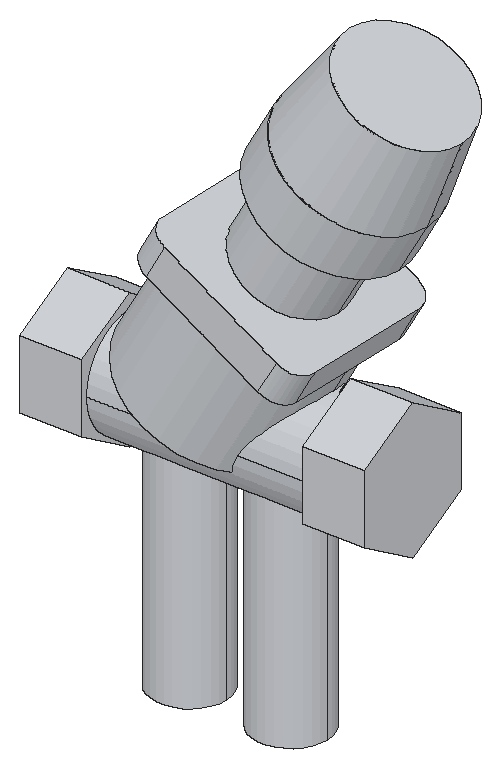
Revit family "OPTIMA_Compact_Plus_FF_DN15_5,0_RFA_2019", category Pipe Accessories, Revit 2019
Family settings
  Round Connector Dimension = Use Diameter
  Part Type = Valve - Breaks Into
  Work Plane-Based = No
  Always vertical = Yes
  Cut with Voids When Loaded = No
  Shared = No
Parameters (values of type "OPTIMA Compact Plus DN15 F-F 5.0mm")
  magiProductId = "2e6505697e744e01b0ad9c2d669662"
  magiProductFamilyId = "01be67634ee84b2d9a1468c78c5465"
  magiPartTypeId = 304
  isMeasuringValve [instance] = no
  ang2D [instance] = 0.00°
  Z = 0 mm
  X = 7 mm
  W2D = 32 mm
  VersionID = "2.0/2018.8.28.1/FRESE_OPTIMA-COMPACT-FF_001"
  Use Minimum Symbol Size [instance] = yes
  URL = "www.hydronic.cz"
  Type Comments = "vnitřní závit; PN25; 0~120°C, s měřením"
  R9 = 8 mm
  R8 = 14 mm
  R7 = 17 mm
  R6 = 12 mm
  R5 = 5 mm
  R4 = 19 mm
  R3 = 19 mm
  R2 = 12 mm
  R1 = 15 mm
  QmdConnectorList = "301;D;302;D"
  Productdata [instance] = ""
  PLG0 = yes
  Manufacturer = "Hydronic Systems Prague s.r.o."
  MC Product Code = "53-1365  (1/2\" F-F; 5.0mm; Qmin-dpmin 220l/h-16.0kPa; Qmax-dpmin 1330l/h-21.6kPa; dpmax 800kPa)"
  MC Piping Given Pressure Drop [instance] = 0.0 Pa
  LL = 37.5 mm
  L3 = 11 mm
  L2D_Min = 3048 mm
  L2D = 104 mm
  L2 = 48 mm
  L1__ve = -L1  # -13.5 mm
  L1 = 13.5 mm
  H6__ve = -H6  # -57 mm
  H6 = 57 mm
  H5 = 20 mm
  H4 = 12 mm
  H3 = 18 mm
  H2 = 8 mm
  H1 = 26 mm
  Description = "Tlakově nezávislý 2-cestný regulační vyvažovací ventil (PICV)"
  D = 15 mm
  CenSd_R1_6 = R1 * cos(30.00°)  # 12.99 mm
  A = 30.00°
Types (6, lengths in mm): name | magiProductId | Z | X | R4 | R3 | R2 | R1 | MC Product Code | LL | L3 | L2 | L1__ve | L1 | H6__ve | H6 | H3 | H2 | H1 | D | CenSd_R1_6
  OPTIMA Compact Plus DN32 F-F 5.5mm | "df1c00d195034ef0b1ec6dc57a3080" | 1 | 13 | 29 | 31.5 | 22 | 26 | "53-1374  (5/4\" F-F; 5.5mm; Qmin-dpmin 550l/h-17.9kPa; Qmax-dpmin 4001l/h-28.0kPa; dpmax 800kPa)" | 52 | 12.5 | 66.56 | -18.72 | 18.72 | -68 | 68 | 16 | 10 | 46 | 32 | 22.517
  OPTIMA Compact Plus DN15 F-F 2.5mm | "89b348523dca4fefb6c7ae521abddd" | 0 | 7 | 19 | 19 | 12 | 15 | "53-1364  (1/2\" F-F; 2.5mm; Qmin-dpmin 100l/h-14.9kPa; Qmax-dpmin 575l/h-18.5kPa; dpmax 800kPa)" | 37.5 | 11 | 48 | -13.5 | 13.5 | -57 | 57 | 18 | 8 | 26 | 15 | 12.99
  OPTIMA Compact Plus DN15 F-F 5.0mm | "2e6505697e744e01b0ad9c2d669662" | 0 | 7 | 19 | 19 | 12 | 15 | "53-1365  (1/2\" F-F; 5.0mm; Qmin-dpmin 220l/h-16.0kPa; Qmax-dpmin 1330l/h-21.6kPa; dpmax 800kPa)" | 37.5 | 11 | 48 | -13.5 | 13.5 | -57 | 57 | 18 | 8 | 26 | 15 | 12.99
  OPTIMA Compact Plus DN20 F-F 5.0mm | "3b063aaad6f44e8dbcb4679e4a622e" | 0 | 10 | 19 | 19 | 13.5 | 17.5 | "53-1368  (3/4\" F-F; 5.0mm; Qmin-dpmin 220l/h-16.0kPa; Qmax-dpmin 1330l/h-21.6kPa; dpmax 800kPa)" | 39.5 | 11 | 50.56 | -14.22 | 14.22 | -59.5 | 59.5 | 18 | 8 | 26 | 20 | 15.155
  OPTIMA Compact Plus DN20 F-F 5.5mm | "6f2e419bcadf4dd2a9ff6e694a03fa" | 0 | 10 | 19 | 19 | 13.5 | 17.5 | "53-1338  (3/4\" F-F; 5.5mm; Qmin-dpmin 300l/h-17.8kPa; Qmax-dpmin 1800l/h-40.0kPa; dpmax 800kPa)" | 39.5 | 11 | 50.56 | -14.22 | 14.22 | -59.5 | 59.5 | 18 | 8 | 26 | 20 | 15.155
  OPTIMA Compact Plus DN25 F-F 5.5mm | "d9f644dbdce8417aa9c852cd9f0b5f" | 0 | 13 | 29 | 31.5 | 18.5 | 22 | "53-1373  (1\" F-F; 5.5mm; Qmin-dpmin 600l/h-17.3kPa; Qmax-dpmin 3609l/h-23.0kPa; dpmax 800kPa)" | 50 | 12.5 | 64 | -18 | 18 | -64 | 64 | 16 | 10 | 43 | 25 | 19.053
Reference planes
  plane 1 "Center (Front/Back)": y = 0
  plane 2 "XYPLANE": z = 0
  plane 3 "Center (Left/Right)": x = 0
  plane 4 "267": x = 11
  plane 5 "266": x = -11
  plane 6 "252": through (-607.519, 0, 447.746) normal (0.5, 0, 0.866)
  plane 7 "250": through (-617.519, 0, 430.426) normal (0.5, 0, 0.866)
  plane 8 "248": through (-623.519, 0, 420.033) normal (0.5, 0, 0.866)
  plane 9 "245": through (-632.519, 0, 404.445) normal (0.5, 0, 0.866)
  plane 10 "241": through (352.483, 0, 662.519) normal (0.866, 0, -0.5)
  plane 11 "240": through (385.392, 0, 643.519) normal (0.866, 0, -0.5)
  plane 12 "239": y = -19
  plane 13 "238": y = 19
  plane 14 "237": through (-636.519, 0, 397.517) normal (0.5, 0, 0.866)
  plane 15 "235": through (-649.519, 0, 375) normal (0.5, 0, 0.866)
  plane 16 "231": y = 0
  plane 17 "230": through (368.938, 0, 653.019) normal (0.866, 0, -0.5)
  plane 18 "211": x = -24
  plane 19 "204": x = 37.5
  plane 20 "203": x = -37.5
  plane 21 "202": x = 0
  plane 22 "201": z = 0
  plane 23 "200": y = 0
  plane 24 "227XY": through (-649.519, 0, 375) normal (0.5, 0, 0.866)
  plane 25 "227XZ": y = 0
  plane 26 "227YZ": through (375, 0, 649.519) normal (0.866, 0, -0.5)
Forms (mm)
  Extrusion 1, solid
    sketch origin (37.5, -750, 0) x (0, 1, 0) y (0, 0, 1)
      loop
        line (750, 15) -> (737.01, 7.5) -> (737.01, -7.5) -> (750, -15) -> (762.99, -7.5) -> (762.99, 7.5) -> (750, 15)
    from 0 to -13.5 <- "L1__ve"
  Extrusion 2, solid
    sketch origin (-37.5, -750, 0) x (0, 1, 0) y (0, 0, 1)
      loop
        line (750, 15) -> (737.01, 7.5) -> (737.01, -7.5) -> (750, -15) -> (762.99, -7.5) -> (762.99, 7.5) -> (750, 15)
    from 0 to 13.5 <- "L1"
  Extrusion 3, solid, visible <- "PLG0"
    sketch origin (-750, 0, 0) x (1, 0, 0) y (0, 1, 0)
      loop
        circle (761, 0) r 8
    from 0 to -57 <- "H6__ve"
  Extrusion 4, solid, visible <- "PLG0"
    sketch origin (-750, 0, 0) x (1, 0, 0) y (0, 1, 0)
      loop
        circle (739, 0) r 8
    from 0 to -57 <- "H6__ve"
  Blend 5, solid
    base sketch origin (-617.519, 0, 430.426) x (0.866025, 0, -0.5) y (0, 1, 0)
      loop
        circle (743, 0) r 17
    top sketch origin (-617.519, 0, 430.426) x (0.866025, 0, -0.5) y (0, 1, 0)
      loop
        circle (743, 0) r 14
    from 0 to 20
  Extrusion 6, solid
    sketch origin (-623.519, 0, 420.033) x (0.866025, 0, -0.5) y (0, 1, 0)
      loop
        circle (743, 0) r 17
    from 0 to 12 <- "H4"
  Extrusion 7, solid
    sketch origin (-632.519, 0, 404.445) x (0.866025, 0, -0.5) y (0, 1, 0)
      loop
        circle (743, 0) r 12
    from 0 to 18 <- "H3"
  Extrusion 8, solid
    sketch origin (-636.519, 0, 397.517) x (0.866025, 0, -0.5) y (0, 1, 0)
      loop
        arc (729, 19) -> (725.464, 17.536) -> (724, 14) r 5
        line (724, 14) -> (724, -14)
        arc (724, -14) -> (725.464, -17.536) -> (729, -19) r 5
        line (729, -19) -> (757, -19)
        arc (757, -19) -> (760.536, -17.536) -> (762, -14) r 5
        line (762, -14) -> (762, 14)
        arc (762, 14) -> (760.536, 17.536) -> (757, 19) r 5
        line (757, 19) -> (729, 19)
    from 0 to 8 <- "H2"
  Extrusion 9, solid
    sketch origin (-649.519, 0, 375) x (0.866025, 0, -0.5) y (0, 1, 0)
      loop
        circle (743, 0) r 19
    from 0 to 26 <- "H1"
  Extrusion 10, solid
    sketch origin (-24, -750, 0) x (0, 1, 0) y (0, 0, 1)
      loop
        circle (750, 0) r 12
    from 0 to 48 <- "L2"
  Extrusion 11, solid, not visible
    sketch origin (37.5, -750, 0) x (0, 1, 0) y (0, 0, 1)
      loop
        circle (750, 0) r 10
    from 0 to -10
  Extrusion 12, solid, not visible
    sketch origin (-37.5, -750, 0) x (0, 1, 0) y (0, 0, 1)
      loop
        circle (750, 0) r 10
    from 0 to 10
Lines and regions (mm)
  reference lines, not visible
    curve 1: circle (2, 2, 0) r 1 normal (0, 0, 1)
  reference lines
    curve 2: line (37.5, 0, 0) -> (37.5, -11.258, -6.5)
    curve 3: line (37.5, 0, 0) -> (37.5, 0, -13)
    curve 4: line (37.5, 0, 0) -> (37.5, 11.258, -6.5)
    curve 5: line (-37.5, 0, 0) -> (-37.5, 11.258, -6.5)
    curve 6: line (-37.5, 0, 0) -> (-37.5, 0, -13)
    curve 7: line (-37.5, 0, 0) -> (-37.5, -11.258, -6.5)
Dimensions and locks
  plane 1 "Center (Front/Back)" to curve 1 = 2 mm
  "L3": plane 3 "Center (Left/Right)" to plane 4 "267"
  "L3": plane 3 "Center (Left/Right)" to plane 5 "266"
  "H5": plane 7 "250" to plane 6 "252"
  "H4": plane 8 "248" to plane 7 "250"
  "H3": plane 9 "245" to plane 8 "248"
  "H2": plane 14 "237" to plane 9 "245"
  "R4": plane 17 "230" to plane 10 "241"
  "R4": plane 17 "230" to plane 11 "240"
  "R4": plane 23 "200" to plane 12 "239"
  "R4": plane 23 "200" to plane 13 "238"
  "H1": plane 15 "235" to plane 14 "237"
  "Z": plane 24 "227XY" to plane 15 "235"
  locked: plane 23 "200" to plane 16 "231"
  "X": plane 26 "227YZ" to plane 17 "230"
  "L1": plane 20 "203" to plane 18 "211"
  "LL": plane 3 "Center (Left/Right)" to plane 19 "204"
  "LL": plane 3 "Center (Left/Right)" to plane 20 "203"
  locked: plane 3 "Center (Left/Right)" to plane 21 "202"
  locked: plane 2 "XYPLANE" to plane 22 "201"
  locked: plane 1 "Center (Front/Back)" to plane 23 "200"
  "CenSd_R1_6": curve 2 to Extrusion 1 sketch curve  (x2)
  "CenSd_R1_6": curve 3 to Extrusion 1 sketch curve  (x2)
  "CenSd_R1_6": curve 4 to Extrusion 1 sketch curve  (x2)
  Extrusion 1 sketch curve to Extrusion 1 sketch curve = 0 mm  (x12)
  "CenSd_R1_6": curve 5 to Extrusion 2 sketch curve  (x2)
  "CenSd_R1_6": curve 6 to Extrusion 2 sketch curve  (x2)
  "CenSd_R1_6": curve 7 to Extrusion 2 sketch curve  (x2)
  Extrusion 2 sketch curve to Extrusion 2 sketch curve = 0 mm  (x12)
  Extrusion 8 sketch curve to Extrusion 8 sketch curve = 0 mm  (x16)
  "R9": radius of Extrusion 3 sketch curve
  "R9": radius of Extrusion 4 sketch curve
  "R8": radius of Blend 5 sketch curve
  "R7": radius of Blend 5 sketch curve
  "R7": radius of Extrusion 6 sketch curve
  "R6": radius of Extrusion 7 sketch curve
  "R5": radius of Extrusion 8 sketch curve  (x4)
  "R3": radius of Extrusion 9 sketch curve
  "R2": radius of Extrusion 10 sketch curve
  locked: curve 3 to curve 2 (angle 60.00°)
  locked: curve 4 to curve 3 (angle 60.00°)
  locked: curve 4 to curve 2 (angle 120.00°)
  locked: curve 6 to curve 5 (angle 60.00°)
  locked: curve 7 to curve 6 (angle 60.00°)
  locked: curve 7 to curve 5 (angle 120.00°)
  aligned and locked: level to plane 2 "XYPLANE"
  aligned and locked: plane 22 "201" to curve 4
  aligned and locked: curve 4 to plane 23 "200"
  aligned and locked: plane 22 "201" to curve 7
  aligned and locked: curve 7 to plane 23 "200"
  aligned and locked: plane 4 "267" to Extrusion 3 sketch curve
  aligned and locked: plane 23 "200" to Extrusion 3 sketch curve
  aligned and locked: plane 5 "266" to Extrusion 4 sketch curve
  aligned and locked: plane 23 "200" to Extrusion 4 sketch curve
  aligned and locked: plane 16 "231" to Blend 5 sketch curve  (x2)
  aligned and locked: Blend 5 sketch curve to plane 17 "230"  (x2)
  aligned and locked: plane 6 "252" to Blend 5
  aligned and locked: plane 16 "231" to Extrusion 6 sketch curve
  aligned and locked: Extrusion 6 sketch curve to plane 17 "230"
  aligned and locked: plane 16 "231" to Extrusion 7 sketch curve
  aligned and locked: Extrusion 7 sketch curve to plane 17 "230"
  aligned and locked: Extrusion 8 sketch curve to plane 10 "241"
  aligned and locked: Extrusion 8 sketch curve to plane 12 "239"
  aligned and locked: Extrusion 8 sketch curve to plane 11 "240"
  aligned and locked: plane 13 "238" to Extrusion 8 sketch curve
  aligned and locked: plane 16 "231" to Extrusion 9 sketch curve
  aligned and locked: Extrusion 9 sketch curve to plane 17 "230"
  aligned and locked: plane 22 "201" to Extrusion 10 sketch curve
  aligned and locked: Extrusion 10 sketch curve to plane 23 "200"
  aligned and locked: plane 22 "201" to Extrusion 11 sketch curve
  aligned and locked: Extrusion 11 sketch curve to plane 23 "200"
  aligned and locked: plane 22 "201" to Extrusion 12 sketch curve
  aligned and locked: Extrusion 12 sketch curve to plane 23 "200"
Automatic sketch dimensions
  plane 1 "Center (Front/Back)" to Extrusion 11 sketch curve = 10 mm
  plane 1 "Center (Front/Back)" to Extrusion 12 sketch curve = 10 mm
  plane 3 "Center (Left/Right)" to curve 1 = 2 mm
  radius of curve 1 = 1 mm
Connectors
  piping at (-37.5, 0, 0), diameter 15, driven by "D"
    settings: on Extrusion 12, index 1, connector inside diameter 609.6 mm, connector length 0 mm, flow factor 0, pipe flow 0.0 L/s, pressure drop 0.0 Pa, fitting loss kfactor 0, connector angle 0.00°, fixture units 0, engagement length 0 mm, angle of deflection 0.00°, flow configuration 0, flow direction 0, fitting loss method 0, system type 29, joint type 0, gender type 0, connector reference index 2, connector utility 0, adjustable connector no, is connector primary yes, connector description ""
  piping at (37.5, 0, 0), diameter 15, driven by "D"
    settings: on Extrusion 11, index 2, connector inside diameter 609.6 mm, connector length 0 mm, flow factor 0, pipe flow 0.0 L/s, pressure drop 0.0 Pa, fitting loss kfactor 0, connector angle 0.00°, fixture units 0, engagement length 0 mm, angle of deflection 0.00°, flow configuration 0, flow direction 0, fitting loss method 0, system type 29, joint type 0, gender type 0, connector reference index 1, connector utility 0, adjustable connector no, is connector primary no, connector description ""
